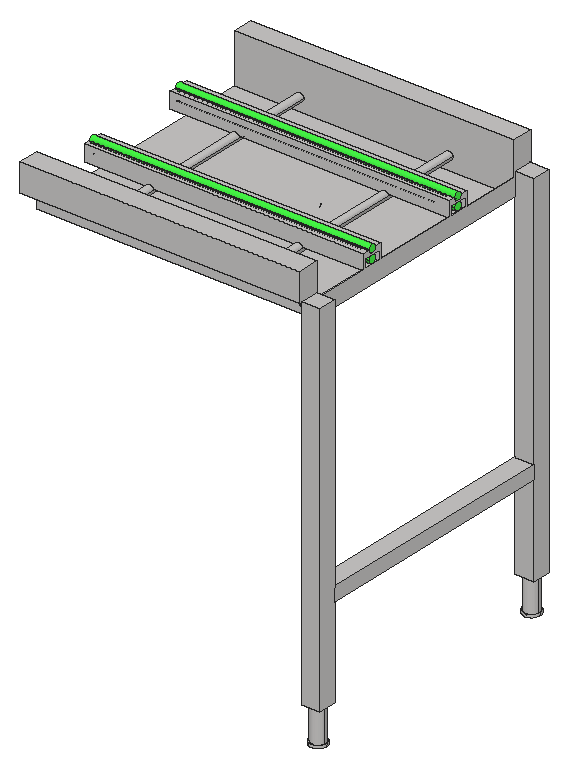
Revit family "QF_ELECTROLUXPROFESSIONAL_863144_HSBCC6", category Specialty Equipment, Revit 2018
Family settings
  Round Connector Dimension = Use Diameter
  Part Type = Normal
  Work Plane-Based = No
  Always vertical = Yes
  Cut with Voids When Loaded = No
  Shared = No
  Room Calculation Point = No
Parameters
  Weight = 0.00 kg
  Watts = 0 W
  Volts = 0 V
  URL Manufacturer = "http://professional.electrolux.com"
  URL = "http://professional.electrolux.com"
  Steam Supply Size = 0 mm
  Steam Supply Minimum Pressure = 0.0 Pa
  Steam Supply Maximum Pressure = 0.0 Pa
  Steam Pounds per Hour = 0
  Refrigeration Suction Line Size = 0 mm
  Refrigeration Liquid Line Size = 0 mm
  Refrigerant Compressor Remote = yes
  Manufacturer = "Electrolux"
  Phase = 0
  Model = "HSBCC6"
  Length Actual = 600 mm  # constant formula
  Item Number = "863144"
  Hot Water Size = 0 mm
  Height Actual = 910 mm  # constant formula
  HP = "0 HP"
  Gas Size = 0 mm
  Gas KW = 0
  Gas Input Pressure = 0 W
  Description = "CORD CONVEYOR FOR BASKETS, L=600 MM"
  Depth Actual = 620 mm  # constant formula
  Cycle = 0 Hz
  Condensate Return Size = 0 mm
  Compressed Air Volume = 0.0 L/s
  Compressed Air Size = 0 mm
  Compressed Air Pressure = 0.0 Pa
  Cold Water Size = 0 mm
  Accessory = yes
Reference planes
  plane 1 "Centro (Fronte/Retro)": y = 74.737
  plane 2: z = 0
  plane 3 "LEFT": x = -1038.761
  plane 4 "BACK": y = 384.737
  plane 5 "FRONT": y = -235.263
  plane 6: z = 910
  plane 7 "RIGHT": x = -438.761
  plane 8: x = -738.761
Forms (mm)
  Extrusion 1, solid, material "QF_Finishes_Stainless Steel"
    sketch origin (11.239, 0, 0) x (0, 1, 0) y (0, 0, 1)
      loop
        line (-235.263, 910) -> (-235.263, 850.033) -> (-190.242, 850.033) -> (-190.242, 910) -> (-235.263, 910)
      loop
        line (384.737, 910) -> (339.716, 910) -> (339.716, 850.033) -> (384.737, 850.033) -> (384.737, 910)
    from -1050 to -451.2
  Extrusion 2, solid, material "QF_Finishes_Stainless Steel"
    sketch origin (11.239, 0, 0) x (0, 1, 0) y (0, 0, 1)
      loop
        line (-191.727, 850.033) -> (-191.727, 800.081) -> (341.245, 800.081) -> (341.245, 850.033) -> (339.716, 850.033) -> (339.716, 803.081) -> (-190.242, 803.081) -> (-190.242, 850.033) -> (-191.727, 850.033)
    from -1050 to -451.2
  Extrusion 3, solid, material "QF_Finishes_Stainless Steel"
    sketch origin (1061.239, 723.253, 4000) x (0, 1, 0) y (0, 0, 1)
      loop
        line (-958.516, -3090) -> (-958.516, -3149.967) -> (-934.752, -3185.632) -> (-915.4, -3185.632) -> (-915.4, -3199.919) -> (-381.633, -3199.919) -> (-381.633, -3185.632) -> (-362.281, -3185.632) -> (-338.516, -3149.967) -> (-338.516, -3090) -> (-383.538, -3090) -> (-383.538, -3161.926) -> (-913.495, -3161.926) -> (-913.495, -3090) -> (-958.516, -3090)
    from -1500 to -1501.2
  Extrusion 4, solid, material "QF_Finishes_Stainless Steel"
    sketch origin (-1477.522, 74.737, 0) x (-1, 0, 0) y (0, 0, -1)
      loop
        line (-1079.929, -300) -> (-1039.929, -300) -> (-1039.929, -270) -> (-1079.929, -270) -> (-1079.929, -300)
    from -266.504 to 266.46
  Revolve 5, solid, material "QF_Finishes_Stainless Steel"
    sketch origin (0, 74.737, 0) x (1, 0, 0) y (0, 0, 1)
      loop
        line (-815.255, 800.081) -> (-815.255, 786.333)
        arc (-815.255, 786.333) -> (-814.651, 784.73) -> (-813.151, 783.903) r 2.474
        arc (-813.151, 783.903) -> (-809.843, 780.044) -> (-813.138, 776.173) r 3.913
        arc (-813.138, 776.173) -> (-814.648, 775.341) -> (-815.255, 773.728) r 2.49
        line (-815.255, 773.728) -> (-815.255, 733.404)
        arc (-815.255, 733.404) -> (-804.605, 702.706) -> (-777.218, 685.219) r 49.516
        line (-777.218, 685.219) -> (-777.218, 682.73) -> (-776.011, 681.079) -> (-776.011, 679.492) -> (-762.231, 673.492) -> (-762.231, 638.761) -> (-760.707, 637.3) -> (-738.761, 637.3) -> (-738.761, 800.081) -> (-815.255, 800.081)
      axis (-738.761, 800.081) -> (-738.761, 637.3)
    angle from 0 to 360
  Extrusion 6, solid, material "QF_Finishes_Stainless Steel"
    sketch origin (0, 74.737, 0) x (1, 0, 0) y (0, 0, 1)
      loop
        circle (-898.761, 831.05) r 8.5
    from -265 to 264.979
  Extrusion 7, solid, material "QF_Finishes_Stainless Steel"
    sketch origin (2140, 74.737, 0) x (1, 0, 0) y (0, 0, 1)
      loop
        circle (-2718.761, 831.05) r 8.5
    from -265 to 265
  Extrusion 8, solid, material "QF_Finishes_Stainless Steel"
    sketch origin (-438.761, 0, 0) x (0, 1, 0) y (0, 0, 1)
      loop
        line (-62.763, 869.045) -> (-62.763, 835.05) -> (-60.363, 835.05) -> (-60.363, 857.845) -> (-19.763, 857.845) -> (-19.763, 835.05) -> (-17.763, 835.05) -> (-17.763, 869.045) -> (-30.056, 869.045) -> (-35.275, 860.005) -> (-45.251, 860.005) -> (-50.47, 869.045) -> (-62.763, 869.045)
      loop
        line (212.237, 869.045) -> (199.944, 869.045) -> (194.725, 860.005) -> (184.749, 860.005) -> (179.53, 869.045) -> (167.237, 869.045) -> (167.237, 835.05) -> (169.237, 835.05) -> (169.237, 857.845) -> (209.837, 857.845) -> (209.837, 835.05) -> (212.237, 835.05) -> (212.237, 869.045)
    from 0 to -600
  Extrusion 9, solid, material "QF_Finishes_Green"
    sketch origin (-438.761, 0, 0) x (0, 1, 0) y (0, 0, 1)
      loop
        circle (-40.263, 868.505) r 7.5
      loop
        circle (-40.263, 848.505) r 7.5
      loop
        circle (189.737, 868.505) r 7.5
      loop
        circle (189.737, 848.505) r 7.5
    from 0 to -600
Cuts and joins
  joined: Extrusion 1, Extrusion 2, Extrusion 3, Extrusion 6, Extrusion 7, Extrusion 8
Lines and regions (mm)
  Split face 1
    outline origin (-273.782, -239.063, 803.081) x (0, 1, 0) y (-1, 0, 0)
      loop
        circle (313.8, 464.979) r 3
  Split face 2
    outline origin (-273.782, -239.063, 803.081) x (0, 1, 0) y (-1, 0, 0)
      loop
        circle (313.8, 464.979) r 9
  Split face 3
    outline origin (-273.782, -239.063, 803.081) x (0, 1, 0) y (-1, 0, 0)
      loop
        circle (313.8, 464.979) r 26
  Split face 4
    outline origin (-273.782, -239.063, 803.081) x (0, 1, 0) y (-1, 0, 0)
      loop
        circle (313.8, 464.979) r 36
  Split face 5
    outline origin (-273.782, -239.063, 803.081) x (0, 1, 0) y (-1, 0, 0)
      loop
        circle (313.8, 464.979) r 53
  symbolic lines
    curve 1: line (-438.761, 384.737, 0) -> (-1038.761, 384.737, 0)
    curve 2: line (-1038.761, 384.737, 0) -> (-1038.761, -235.263, 0)
    curve 3: line (-1038.761, 339.716, 0) -> (-438.761, 339.716, 0)
    curve 4: line (-1038.761, -235.263, 0) -> (-438.761, -235.263, 0)
    curve 5: line (-438.761, -235.263, 0) -> (-438.761, 384.737, 0)
    curve 6: line (-438.761, -190.242, 0) -> (-1038.761, -190.242, 0)
    curve 7: line (-1038.761, 74.737, 0) -> (-1008.761, 74.737, 0)
    curve 8: line (-438.761, 74.737, 0) -> (-468.761, 74.737, 0)
    curve 9: circle (-738.761, 74.737, 0) r 23.47 normal (0, 0, 1)
    curve 10: line (-438.761, 212.237, 0) -> (-1038.761, 212.237, 0)
    curve 11: line (-1038.761, 167.237, 0) -> (-438.761, 167.237, 0)
    curve 12: line (-438.761, -17.763, 0) -> (-1038.761, -17.763, 0)
    curve 13: line (-1038.761, -62.763, 0) -> (-438.761, -62.763, 0)
    curve 14: line (-1038.761, -47.763, 0) -> (-438.761, -47.763, 0)
    curve 15: line (-1038.761, -32.763, 0) -> (-438.761, -32.763, 0)
    curve 16: line (-1038.761, 197.237, 0) -> (-438.761, 197.237, 0)
    curve 17: line (-1038.761, 182.237, 0) -> (-438.761, 182.237, 0)
    curve 18: line (-907.261, 339.716, 0) -> (-907.261, 212.237, 0)
    curve 19: line (-890.261, 339.716, 0) -> (-890.261, 212.237, 0)
    curve 20: line (-890.261, 167.237, 0) -> (-890.261, -17.763, 0)
    curve 21: line (-907.261, 167.237, 0) -> (-907.261, -17.763, 0)
    curve 22: line (-907.261, -62.763, 0) -> (-907.261, -190.242, 0)
    curve 23: line (-890.261, -62.763, 0) -> (-890.261, -190.242, 0)
    curve 24: line (-587.261, 339.716, 0) -> (-587.261, 212.237, 0)
    curve 25: line (-570.261, 339.716, 0) -> (-570.261, 212.237, 0)
    curve 26: line (-570.261, 167.237, 0) -> (-570.261, -17.763, 0)
    curve 27: line (-587.261, 167.237, 0) -> (-587.261, -17.763, 0)
    curve 28: line (-587.261, -62.763, 0) -> (-587.261, -190.242, 0)
    curve 29: line (-570.261, -62.763, 0) -> (-570.261, -190.242, 0)
Dimensions and locks
  plane 3 "LEFT" to plane 7 "RIGHT" = 600 mm
  equal spacing: plane 4 "BACK", plane 1 "Centro (Fronte/Retro)", plane 5 "FRONT"
  plane 4 "BACK" to plane 5 "FRONT" = 620 mm
  equal spacing: plane 3 "LEFT", plane 8, plane 7 "RIGHT"
  locked: Extrusion 6 sketch curve to plane 3 "LEFT" at 140
  locked: plane 7 "RIGHT" to Extrusion 7 sketch curve at 140
  aligned and locked: level to plane 2
  aligned and locked: curve 9 to Revolve 5
  aligned and locked: plane 8 to Split face 5  (x2)
  aligned and locked: plane 8 to Split face 4  (x2)
  aligned and locked: plane 8 to cut or joined group of Extrusion 1, Extrusion 2, Extrusion 3, Extrusion 6, Extrusion 7, Extrusion 8  (x4)
  aligned and locked: plane 8 to Split face 3  (x2)
  aligned and locked: plane 8 to Split face 2  (x2)
  aligned and locked: plane 8 to Split face 1  (x2)
  aligned and locked: Extrusion 2 to plane 3 "LEFT"
  aligned and locked: Extrusion 1 to plane 3 "LEFT"
  aligned and locked: Extrusion 8 to plane 3 "LEFT"
  aligned and locked: cut or joined group of Extrusion 1, Extrusion 2, Extrusion 3, Extrusion 6, Extrusion 7, Extrusion 8 to plane 3 "LEFT"  (x2)
  aligned and locked: plane 3 "LEFT" to curve 6
  aligned and locked: plane 3 "LEFT" to curve 4
  aligned and locked: Extrusion 9 to plane 3 "LEFT"
Automatic sketch dimensions
  Extrusion 1 sketch curve to plane 5 "FRONT" = 0 mm
  Extrusion 1 sketch curve to plane 6 = 0 mm  (x2)
  Extrusion 1 sketch curve to plane 4 "BACK" = 0 mm
  plane 5 "FRONT" to Extrusion 1 sketch curve = 45.021 mm
  Extrusion 1 sketch curve to plane 4 "BACK" = 45.021 mm
  Extrusion 1 sketch curve to Extrusion 1 sketch curve = 59.967 mm  (x2)
  plane 5 "FRONT" to Extrusion 2 sketch curve = 43.536 mm
  Extrusion 2 sketch curve to Extrusion 2 sketch curve = 1.486 mm
  Extrusion 2 sketch curve to plane 4 "BACK" = 45.021 mm
  Extrusion 2 sketch curve to Extrusion 2 sketch curve = 1.529 mm
  Extrusion 2 sketch curve to plane 6 = 109.919 mm
  Extrusion 2 sketch curve to Extrusion 2 sketch curve = 3 mm
  Extrusion 2 sketch curve to Extrusion 2 sketch curve = 46.952 mm  (x2)
  Extrusion 3 sketch curve to plane 5 "FRONT" = 0 mm
  Extrusion 3 sketch curve to plane 6 = 0 mm  (x2)
  Extrusion 3 sketch curve to plane 4 "BACK" = 0 mm
  plane 5 "FRONT" to Extrusion 3 sketch curve = 23.764 mm
  Extrusion 3 sketch curve to Extrusion 3 sketch curve = 19.352 mm  (x2)
  plane 5 "FRONT" to Extrusion 3 sketch curve = 45.021 mm
  Extrusion 3 sketch curve to plane 4 "BACK" = 45.021 mm
  Extrusion 3 sketch curve to Extrusion 3 sketch curve = 1.905 mm
  Extrusion 3 sketch curve to Extrusion 3 sketch curve = 59.967 mm  (x2)
  Extrusion 3 sketch curve to Extrusion 3 sketch curve = 11.959 mm
  Extrusion 3 sketch curve to Extrusion 3 sketch curve = 23.706 mm  (x2)
  Extrusion 3 sketch curve to Extrusion 3 sketch curve = 14.287 mm
  Extrusion 4 sketch curve to plane 7 "RIGHT" = 41.168 mm
  Extrusion 4 sketch curve to plane 7 "RIGHT" = 1.168 mm
  Extrusion 4 sketch curve to level = 270 mm
  Extrusion 4 sketch curve to Extrusion 4 sketch curve = 30 mm
  Extrusion 6 sketch curve to plane 6 = 78.95 mm
  Extrusion 7 sketch curve to plane 6 = 78.95 mm
  plane 1 "Centro (Fronte/Retro)" to Extrusion 8 sketch curve = 137.5 mm
  Extrusion 8 sketch curve to Extrusion 8 sketch curve = 2.4 mm  (x2)
  Extrusion 8 sketch curve to plane 6 = 40.955 mm  (x3)
  Extrusion 8 sketch curve to Extrusion 8 sketch curve = 12.293 mm  (x2)
  Extrusion 8 sketch curve to Extrusion 8 sketch curve = 5.219 mm  (x4)
  Extrusion 8 sketch curve to Extrusion 8 sketch curve = 9.976 mm  (x2)
  Extrusion 8 sketch curve to Extrusion 8 sketch curve = 10.293 mm
  Extrusion 8 sketch curve to Extrusion 8 sketch curve = 2 mm  (x2)
  Extrusion 8 sketch curve to plane 1 "Centro (Fronte/Retro)" = 92.5 mm
  Extrusion 8 sketch curve to plane 6 = 49.995 mm
  Extrusion 8 sketch curve to Extrusion 8 sketch curve = 9.893 mm
  Extrusion 8 sketch curve to Extrusion 8 sketch curve = 11.2 mm
  Extrusion 8 sketch curve to Extrusion 8 sketch curve = 2.16 mm
  Extrusion 8 sketch curve to Extrusion 8 sketch curve = 22.795 mm  (x4)
  Extrusion 8 sketch curve to Extrusion 8 sketch curve = 9.04 mm  (x2)
  plane 1 "Centro (Fronte/Retro)" to Extrusion 9 sketch curve = 115 mm
  Extrusion 9 sketch curve to Extrusion 9 sketch curve = 0 mm  (x2)
  Extrusion 9 sketch curve to plane 1 "Centro (Fronte/Retro)" = 115 mm
  Extrusion 9 sketch curve to plane 6 = 61.495 mm  (x2)
  Extrusion 9 sketch curve to Extrusion 9 sketch curve = 20 mm  (x2)
  plane 1 "Centro (Fronte/Retro)" to curve 7 = 0 mm
  plane 1 "Centro (Fronte/Retro)" to curve 8 = 0 mm
  curve 15 to plane 7 "RIGHT" = 0 mm
  curve 4 to plane 5 "FRONT" = 0 mm
  curve 2 to plane 4 "BACK" = 0 mm
  plane 3 "LEFT" to curve 7 = 30 mm
  curve 18 to plane 4 "BACK" = 45.021 mm
  plane 3 "LEFT" to curve 18 = 131.5 mm
  plane 5 "FRONT" to curve 22 = 45.021 mm
  plane 3 "LEFT" to curve 22 = 131.5 mm
  curve 21 to curve 18 = 0 mm
  curve 18 to curve 19 = 17 mm
  curve 21 to curve 20 = 17 mm
  curve 22 to curve 23 = 17 mm
  curve 28 to plane 7 "RIGHT" = 148.5 mm
  curve 24 to plane 7 "RIGHT" = 148.5 mm
  curve 27 to curve 28 = 0 mm
  curve 27 to curve 26 = 17 mm
  curve 24 to curve 25 = 17 mm
  curve 28 to curve 29 = 17 mm
  curve 8 to plane 7 "RIGHT" = 30 mm
  curve 13 to curve 14 = 15 mm
  curve 14 to curve 15 = 15 mm
  curve 15 to curve 12 = 15 mm
  curve 11 to curve 17 = 15 mm
  curve 16 to curve 10 = 15 mm
  Revolve 5 sketch curve to plane 8 = 0 mm  (x2)
  Revolve 5 sketch curve to Revolve 5 sketch curve = 21.946 mm
  Revolve 5 sketch curve to Revolve 5 sketch curve = 1.524 mm
  Revolve 5 sketch curve to plane 8 = 26.978 mm
  Revolve 5 sketch curve to Revolve 5 sketch curve = 13.78 mm
  Revolve 5 sketch curve to Revolve 5 sketch curve = 1.206 mm
  Revolve 5 sketch curve to Revolve 5 sketch curve = 47.026 mm
  Revolve 5 sketch curve to Revolve 5 sketch curve = 0.016 mm  (x3)
  Revolve 5 sketch curve to Revolve 5 sketch curve = 0.976 mm
  Revolve 5 sketch curve to Revolve 5 sketch curve = 2.474 mm
  Revolve 5 sketch curve to Revolve 5 sketch curve = 2.49 mm
  Revolve 5 sketch curve to Revolve 5 sketch curve = 0 mm
  Revolve 5 sketch curve to plane 6 = 272.7 mm
  Revolve 5 sketch curve to Revolve 5 sketch curve = 1.461 mm
  Revolve 5 sketch curve to Revolve 5 sketch curve = 34.731 mm
  Revolve 5 sketch curve to Revolve 5 sketch curve = 6 mm
  Revolve 5 sketch curve to Revolve 5 sketch curve = 1.588 mm
  Revolve 5 sketch curve to Revolve 5 sketch curve = 1.651 mm
  Revolve 5 sketch curve to Revolve 5 sketch curve = 2.488 mm
  Revolve 5 sketch curve to Revolve 5 sketch curve = 48.167 mm
  Revolve 5 sketch curve to Revolve 5 sketch curve = 40.307 mm
  Revolve 5 sketch curve to Revolve 5 sketch curve = 6.326 mm
  Revolve 5 sketch curve to Revolve 5 sketch curve = 6.296 mm
  Revolve 5 sketch curve to Revolve 5 sketch curve = 13.748 mm
  Revolve 5 sketch curve to Revolve 5 sketch curve = 0.373 mm
  Revolve 5 sketch curve to Revolve 5 sketch curve = 38.557 mm
  plane 6 to Revolve 5 sketch curve = 8.743 mm
  cut or joined group of Extrusion 1, Extrusion 2, Extrusion 3, Extrusion 6, Extrusion 7, Extrusion 8 to Split face 1 sketch curve = 264.979 mm
  cut or joined group of Extrusion 1, Extrusion 2, Extrusion 3, Extrusion 6, Extrusion 7, Extrusion 8 to Split face 1 sketch curve = 298.8 mm
  cut or joined group of Extrusion 1, Extrusion 2, Extrusion 3, Extrusion 6, Extrusion 7, Extrusion 8 to Split face 2 sketch curve = 264.979 mm
  cut or joined group of Extrusion 1, Extrusion 2, Extrusion 3, Extrusion 6, Extrusion 7, Extrusion 8 to Split face 2 sketch curve = 298.8 mm
  cut or joined group of Extrusion 1, Extrusion 2, Extrusion 3, Extrusion 6, Extrusion 7, Extrusion 8 to Split face 3 sketch curve = 264.979 mm
  cut or joined group of Extrusion 1, Extrusion 2, Extrusion 3, Extrusion 6, Extrusion 7, Extrusion 8 to Split face 3 sketch curve = 298.8 mm
  cut or joined group of Extrusion 1, Extrusion 2, Extrusion 3, Extrusion 6, Extrusion 7, Extrusion 8 to Split face 4 sketch curve = 264.979 mm
  cut or joined group of Extrusion 1, Extrusion 2, Extrusion 3, Extrusion 6, Extrusion 7, Extrusion 8 to Split face 4 sketch curve = 298.8 mm
  cut or joined group of Extrusion 1, Extrusion 2, Extrusion 3, Extrusion 6, Extrusion 7, Extrusion 8 to Split face 5 sketch curve = 264.979 mm
  cut or joined group of Extrusion 1, Extrusion 2, Extrusion 3, Extrusion 6, Extrusion 7, Extrusion 8 to Split face 5 sketch curve = 298.8 mm
  curve 6 to curve 13 = 127.479 mm
  curve 20 to curve 19 = 45 mm
  curve 26 to plane 1 "Centro (Fronte/Retro)" = 92.5 mm
  radius of Extrusion 6 sketch curve = 8.5 mm
  radius of Extrusion 7 sketch curve = 8.5 mm
  radius of Extrusion 9 sketch curve = 7.5 mm  (x4)
  radius of Split face 1 sketch curve = 3 mm
  radius of Split face 2 sketch curve = 9 mm
  radius of Split face 3 sketch curve = 26 mm
  radius of Split face 4 sketch curve = 36 mm
  radius of Split face 5 sketch curve = 53 mm
Nested families
  nested 1: "Foot_40x40" at (-417.593, 361.245, 0) x (-1, 0, 0) z (0, 0, 1), type "Foot_40x40"
    with A 850.033 mm
  nested 2: "Foot_40x40" at (-417.593, -211.771, 0) x (-1, 0, 0) z (0, 0, 1), type "Foot_40x40"
    with A 850.033 mm
Connectors
  piping at (-738.761, 74.737, 637.3), diameter 40
    settings: on Revolve 5, index 1, connector inside diameter 609.6 mm, connector length 0 mm, flow factor 0, pipe flow 0.0 L/s, pressure drop 0.0 Pa, fitting loss kfactor 0, connector angle 0.00°, fixture units 0, engagement length 0 mm, angle of deflection 0.00°, flow configuration 1, flow direction 2, fitting loss method 0, system type 16, joint type 0, gender type 0, connector reference index -1, connector utility 0, adjustable connector no, is connector primary yes, connector description "Drain"
Definition of nested family "Foot_40x40"
  Parameters
    A [instance] = 850 mm
  Reference planes
    plane 1 "Centro (Fronte/Retro)": y = 0
    plane 2: z = 0
    plane 3 "Centro (Sinistra/Destra)": x = 0
    plane 4: z = 850
  Forms (mm)
    Extrusion 1, solid
      sketch origin (0, 0, 0) x (1, 0, 0) y (0, 1, 0)
        loop
          circle (0, 0) r 18
      from 0 to 5
    Extrusion 2, solid
      sketch origin (0, 0, 5) x (1, 0, 0) y (0, 1, 0)
        loop
          circle (0, 0) r 15
      from 0 to 70
    Extrusion 3, solid
      sketch origin (0, 0, 75) x (1, 0, 0) y (0, 1, 0)
        loop
          line (-20, 20) -> (-20, -20) -> (20, -20) -> (20, 20) -> (-20, 20)
      from 0 to 775
  Dimensions and locks
    "A": plane 4 to plane 2
    aligned and locked: level to plane 2
    aligned and locked: plane 4 to Extrusion 3
    aligned and locked: Extrusion 1 to level
  Automatic sketch dimensions
    plane 1 "Centro (Fronte/Retro)" to Extrusion 1 sketch curve = 0 mm
    Extrusion 1 sketch curve to plane 3 "Centro (Sinistra/Destra)" = 0 mm
    Extrusion 3 sketch curve to Extrusion 3 sketch curve = 40 mm  (x2)
    radius of Extrusion 1 sketch curve = 18 mm
    radius of Extrusion 2 sketch curve to Extrusion 1 = 3 mm
